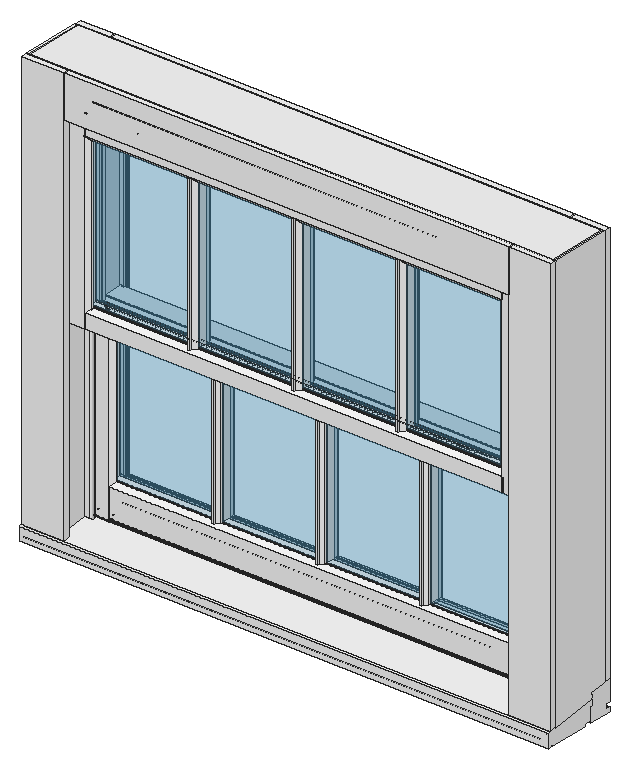
Revit family "B1-44V", category Generic Models, Revit 2012 (continued)
Forms (mm)
  Extrusion 84, solid, material "White" <- "Floor Material"
    sketch origin (159.614, 775.395, -65) x (-1, 0, 0) y (0, -1, 0)
      loop
        spline (-195.897, 772.766) -> (-196.288, 773.028) -> (-196.546, 773.345) -> (-196.701, 773.707) -> (-196.782, 774.104) -> (-196.817, 774.528) -> (-196.837, 774.968) -> (-196.871, 775.416) -> (-196.947, 775.861) -> (-197.095, 776.295) -> (-197.343, 776.707) -> (-197.722, 777.088) -> (-198.261, 777.429)
        line (-198.261, 777.429) -> (-199.495, 777.429)
        spline (-199.495, 777.429) -> (-200.004, 777.07) -> (-200.356, 776.68) -> (-200.579, 776.266) -> (-200.702, 775.836) -> (-200.755, 775.398) -> (-200.766, 774.96) -> (-200.765, 774.529) -> (-200.779, 774.114) -> (-200.839, 773.722) -> (-200.973, 773.362) -> (-201.21, 773.041) -> (-201.578, 772.766)
    from 643 to 1002.04
  Extrusion 85, solid, material "White" <- "Floor Material"
    sketch origin (160.537, 770.224, -40) x (-1, 0, 0) y (0, -1, 0)
      loop
        line (-201.463, 771.474) -> (-199.969, 771.474) -> (-199.969, 772.26) -> (-200.769, 772.26) -> (-200.769, 773.563) -> (-195.441, 773.563) -> (-195.441, 772.26) -> (-196.241, 772.26) -> (-196.241, 771.474) -> (-194.463, 771.474) -> (-194.463, 774.474) -> (-196.777, 774.474) -> (-196.777, 778.474) -> (-199.213, 778.474) -> (-199.213, 774.474) -> (-201.463, 774.474) -> (-201.463, 771.474)
    from 618 to 977.04
  Extrusion 86, solid, material "White" <- "Floor Material"
    sketch origin (161.496, -643.152, 0) x (-1, 0, 0) y (0, -1, 0)
      loop
        line (-288.504, -795.902) -> (-206.504, -795.902) -> (-206.504, -780.902) -> (-288.504, -780.902) -> (-288.504, -795.902)
    from 68 to 1023.04
  Extrusion 87, solid, material "White" <- "Floor Material"
    sketch origin (161.496, -643.152, 0) x (-1, 0, 0) y (0, -1, 0)
      loop
        line (-288.504, -621.902) -> (-288.504, -636.902) -> (-188.504, -636.902) -> (-188.504, -621.902) -> (-288.504, -621.902)
    from 33 to 1023.04
  Extrusion 88, solid, material "White" <- "Floor Material"
    sketch origin (71.476, 18.977, 0) x (0, 1, 0) y (0, 0, 1)
      loop
        line (118.773, 68) -> (118.773, 1023.04) -> (-25.227, 1023.04) -> (-25.227, 35.138) -> (79.523, 48) -> (79.523, 52.913)
        arc (79.523, 52.913) -> (82.523, 55.913) -> (79.523, 58.913) r 3
        line (79.523, 58.913) -> (79.523, 63.825) -> (113.523, 68) -> (118.773, 68)
    from 372.603 to 378.603
  Extrusion 89, solid, material "White" <- "Floor Material"
    sketch origin (161.496, -643.152, 0) x (-1, 0, 0) y (0, -1, 0)
      loop
        line (-232.504, -775.902) -> (-223.504, -775.902) -> (-223.504, -780.902) -> (-215.504, -780.902) -> (-215.504, -775.902) -> (-206.504, -775.902) -> (-206.504, -641.902) -> (-215.504, -641.902) -> (-215.504, -636.902) -> (-223.504, -636.902) -> (-223.504, -641.902) -> (-232.504, -641.902) -> (-232.504, -775.902)
    from 0 to 923.04
  Extrusion 90, solid, material "White" <- "Floor Material"
    sketch origin (161.497, -571.902, -672) x (-1, 0, 0) y (0, -1, 0)
      loop
        line (-162.504, -700.402) -> (-157.504, -700.402) -> (-157.504, -697.402)
        arc (-157.504, -697.402) -> (-151.847, -695.059) -> (-149.504, -689.402) r 8
        line (-149.504, -689.402) -> (-146.504, -689.402) -> (-146.504, -685.402) -> (-150.504, -684.402) -> (-150.504, -681.402) -> (-162.504, -681.402) -> (-162.504, -700.402)
    from 705 to 1595.04
  Extrusion 91, solid, material "White" <- "Floor Material"
    sketch origin (161.497, -571.902, -292) x (-1, 0, 0) y (0, -1, 0)
      loop
        line (-162.504, -643.402) -> (-199.504, -643.402)
        arc (-199.504, -643.402) -> (-201.625, -644.281) -> (-202.504, -646.402) r 3
        line (-202.504, -646.402) -> (-202.504, -651.402) -> (-196.504, -651.402) -> (-196.504, -654.402) -> (-202.504, -654.402) -> (-202.504, -667.402) -> (-196.504, -667.402) -> (-196.504, -679.402) -> (-202.504, -679.402) -> (-202.504, -700.402)
        arc (-202.504, -700.402) -> (-201.625, -702.524) -> (-199.504, -703.402) r 3
        line (-199.504, -703.402) -> (-162.504, -703.402) -> (-162.504, -643.402)
    from 791.56 to 1199.977
  Extrusion 92, solid, material "White" <- "Floor Material"
    sketch origin (70.876, 16.904, -227.023) x (1, 0, 0) y (0, 1, 0)
      loop
        line (-8.825, 91.096) -> (11.175, 91.096) -> (11.175, 99.096) -> (9.175, 99.096) -> (9.175, 100.804)
        arc (9.175, 100.804) -> (7.675, 105.779) -> (3.675, 109.096) r 9
        line (3.675, 109.096) -> (3.675, 111.096) -> (-1.325, 111.096) -> (-1.325, 109.096)
        arc (-1.325, 109.096) -> (-5.119, 106.111) -> (-6.825, 101.596) r 9
        line (-6.825, 101.596) -> (-6.825, 99.096) -> (-8.825, 99.096) -> (-8.825, 91.096)
      loop
        line (11.175, 62.296) -> (11.175, 65.096) -> (-8.825, 65.096) -> (-8.825, 62.296) -> (-1.325, 54.142) -> (-1.325, 52.142) -> (3.675, 52.142) -> (3.675, 54.142) -> (11.175, 62.296)
    from 356.027 to 710.583
  Extrusion 93, solid, material "White" <- "Floor Material", detail levels fine
    sketch origin (70.876, -53.846, -227.023) x (1, 0, 0) y (0, 1, 0)
      loop
        line (-8.825, 93.096) -> (11.175, 93.096) -> (11.175, 99.096) -> (9.175, 99.096) -> (9.175, 101.596) -> (3.675, 109.096) -> (3.675, 111.096) -> (-1.325, 111.096) -> (-1.325, 109.096) -> (-6.825, 101.596) -> (-6.825, 99.096) -> (-8.825, 99.096) -> (-8.825, 93.096)
      loop
        line (-8.825, 61.911) -> (-1.376, 53.757) -> (-1.376, 51.757) -> (3.624, 51.757) -> (3.624, 53.757) -> (11.175, 64.711) -> (-8.825, 64.711) -> (-8.825, 61.911)
    from 754.583 to 1118.062
  Extrusion 94, solid, material "White" <- "Floor Material"
    sketch origin (470.145, 0, -227.023) x (1, 0, 0) y (0, 1, 0)
      loop
        line (-408.094, 34) -> (-408.094, 18) -> (-388.094, 18) -> (-388.094, 34) -> (-408.094, 34)
    from 754.583 to 1108
  Extrusion 95, solid, material "White" <- "Floor Material"
    sketch origin (470.145, 71, -227.023) x (1, 0, 0) y (0, 1, 0)
      loop
        line (-408.094, 34) -> (-408.094, 18) -> (-388.094, 18) -> (-388.094, 34) -> (-408.094, 34)
    from 356.027 to 710.583
Dimensions and locks
  plane 4 to level = 1023.04 mm
  plane 8 to plane 5 = 131 mm  (x3)
  plane 9 to plane 7 = 174 mm
  locked: plane 10 to plane 11 at 44
  locked: plane 4 to plane 12 at 100
  locked: plane 13 to plane 12 at 14
  plane 14 to level = 33 mm
  locked: Extrusion 58 to Extrusion 58 at 6
  Extrusion 4 to Extrusion 4 = 4 mm
  locked: plane 4 to plane 15 at 82
  plane 16 to level = 68 mm
  "Width": plane 17 to plane 5
  Extrusion 57 to Extrusion 24 = 1023.04 mm
  locked: Extrusion 88 to Extrusion 88 at 6
  plane 5 to plane 27 = 100.079 mm
  plane 29 to plane 17 = 131 mm  (x2)
  Extrusion 62 to plane 5 = 82.079 mm
  plane 30 to plane 17 = 82 mm
  aligned and locked: level to plane 2
  aligned and locked: Extrusion 5 to Extrusion 6
  aligned and locked: Extrusion 34 to Extrusion 33
  aligned and locked: plane 7 to Extrusion 23
  aligned and locked: Extrusion 16 to plane 8
  aligned and locked: Extrusion 14 to plane 8
  aligned and locked: Extrusion 21 to plane 8
  aligned and locked: Extrusion 18 to plane 8
  aligned and locked: Extrusion 20 to plane 8
  aligned and locked: Extrusion 17 to plane 8
  aligned and locked: Extrusion 19 to plane 8
  aligned and locked: Extrusion 22 to plane 8
  aligned and locked: Extrusion 8 to plane 8
  aligned and locked: Extrusion 10 to plane 8
  aligned and locked: Extrusion 3 to plane 8
  aligned and locked: Extrusion 9 to plane 8
  aligned and locked: Extrusion 5 to plane 8
  aligned and locked: Extrusion 7 to plane 8
  aligned and locked: Extrusion 2 to plane 8
  aligned and locked: Extrusion 6 to plane 8
  aligned and locked: Extrusion 9 to Extrusion 16
  aligned and locked: Extrusion 8 to Extrusion 16
  aligned and locked: Extrusion 29 to plane 8
  aligned and locked: Extrusion 27 to plane 8
  aligned and locked: Extrusion 31 to plane 8
  aligned and locked: Extrusion 34 to plane 8
  aligned and locked: Extrusion 33 to plane 8
  aligned and locked: Extrusion 35 to plane 8
  aligned and locked: Extrusion 36 to plane 8
  aligned and locked: Extrusion 32 to plane 8
  aligned and locked: Extrusion 28 to plane 8
  aligned and locked: Extrusion 4 to plane 8
  aligned and locked: plane 10 to Extrusion 2
  aligned and locked: plane 10 to Extrusion 40
  aligned and locked: plane 11 to Extrusion 1
  aligned and locked: Extrusion 44 to plane 11
  aligned and locked: Extrusion 43 to plane 11
  aligned and locked: plane 13 to Extrusion 43
  aligned and locked: plane 13 to Extrusion 44
  aligned and locked: plane 13 to Extrusion 54
  aligned and locked: plane 13 to Extrusion 53
  aligned and locked: plane 13 to Extrusion 52
  aligned and locked: plane 13 to Extrusion 46
  aligned and locked: Extrusion 15 to Extrusion 55
  aligned and locked: Extrusion 25 to plane 17
Automatic sketch dimensions
  Extrusion 14 sketch curve to plane 1 "Center (Front/Back)" = 38.25 mm
  Extrusion 14 sketch curve to Extrusion 14 sketch curve = 3 mm  (x2)
  plane 15 to Extrusion 14 sketch curve = 7.62 mm
  Extrusion 14 sketch curve to Extrusion 14 sketch curve = 3.601 mm
  plane 15 to Extrusion 14 sketch curve = 11.305 mm
  Extrusion 14 sketch curve to Extrusion 14 sketch curve = 0.187 mm
  Extrusion 14 sketch curve to Extrusion 14 sketch curve = 1 mm  (x2)
  Extrusion 14 sketch curve to Extrusion 14 sketch curve = 0.649 mm
  plane 15 to Extrusion 14 sketch curve = 10.497 mm
  Extrusion 14 sketch curve to Extrusion 14 sketch curve = 2.265 mm
  Extrusion 14 sketch curve to Extrusion 14 sketch curve = 0.863 mm
  Extrusion 14 sketch curve to Extrusion 14 sketch curve = 0.001 mm
  Extrusion 14 sketch curve to Extrusion 14 sketch curve = 5 mm  (x2)
  plane 15 to Extrusion 14 sketch curve = 15.566 mm
  Extrusion 14 sketch curve to Extrusion 14 sketch curve = 1.118 mm
  Extrusion 14 sketch curve to Extrusion 14 sketch curve = 0.702 mm  (x2)
  plane 15 to Extrusion 14 sketch curve = 14.005 mm
  plane 15 to Extrusion 14 sketch curve = 2.625 mm
  Extrusion 14 sketch curve to Extrusion 14 sketch curve = 5.889 mm
  Extrusion 14 sketch curve to Extrusion 14 sketch curve = 0.861 mm
  Extrusion 14 sketch curve to Extrusion 14 sketch curve = 1.943 mm
  Extrusion 14 sketch curve to Extrusion 14 sketch curve = 1.982 mm
  plane 15 to Extrusion 14 sketch curve = 2.22 mm
  Extrusion 14 sketch curve to Extrusion 14 sketch curve = 0.1 mm
  Extrusion 14 sketch curve to Extrusion 14 sketch curve = 1.022 mm
  Extrusion 14 sketch curve to Extrusion 14 sketch curve = 0.095 mm
  Extrusion 14 sketch curve to Extrusion 14 sketch curve = 0.7 mm
  Extrusion 14 sketch curve to Extrusion 14 sketch curve = 1.018 mm
  Extrusion 14 sketch curve to Extrusion 14 sketch curve = 8 mm
  Extrusion 14 sketch curve to plane 12 = 15.063 mm
  Extrusion 14 sketch curve to Extrusion 14 sketch curve = 4 mm
  Extrusion 14 sketch curve to Extrusion 14 sketch curve = 0.405 mm
  Extrusion 14 sketch curve to Extrusion 14 sketch curve = 1.234 mm
  Extrusion 14 sketch curve to Extrusion 14 sketch curve = 2.583 mm
  Extrusion 14 sketch curve to Extrusion 14 sketch curve = 0.9 mm
  Extrusion 14 sketch curve to Extrusion 14 sketch curve = 1.71 mm
  plane 1 "Center (Front/Back)" to Extrusion 17 sketch curve = 3.465 mm
  Extrusion 17 sketch curve to Extrusion 17 sketch curve = 1.414 mm
  Extrusion 17 sketch curve to plane 15 = 1.206 mm
  Extrusion 17 sketch curve to plane 15 = 0.117 mm
  plane 15 to Extrusion 17 sketch curve = 2.992 mm
  Extrusion 17 sketch curve to Extrusion 17 sketch curve = 1.085 mm
  plane 15 to Extrusion 18 sketch curve = 2.687 mm
  plane 1 "Center (Front/Back)" to Extrusion 18 sketch curve = 8.25 mm
  plane 15 to Extrusion 18 sketch curve = 0.187 mm
  Extrusion 18 sketch curve to Extrusion 18 sketch curve = 4 mm
  Extrusion 18 sketch curve to Extrusion 18 sketch curve = 0 mm
  Extrusion 18 sketch curve to Extrusion 18 sketch curve = 0.786 mm
  Extrusion 18 sketch curve to Extrusion 18 sketch curve = 1.414 mm  (x2)
  Extrusion 18 sketch curve to Extrusion 18 sketch curve = 0.8 mm  (x2)
  Extrusion 18 sketch curve to plane 15 = 0.117 mm
  Extrusion 18 sketch curve to plane 15 = 1.206 mm
  Extrusion 18 sketch curve to Extrusion 18 sketch curve = 0.857 mm  (x2)
  plane 15 to Extrusion 18 sketch curve = 2.992 mm
  Extrusion 18 sketch curve to Extrusion 18 sketch curve = 1.089 mm
  plane 1 "Center (Front/Back)" to Extrusion 19 sketch curve = 2.05 mm
  Extrusion 19 sketch curve to plane 1 "Center (Front/Back)" = 2.612 mm
  Extrusion 19 sketch curve to plane 15 = 1.419 mm
  plane 15 to Extrusion 19 sketch curve = 0.664 mm
  Extrusion 19 sketch curve to Extrusion 19 sketch curve = 1.235 mm
  plane 15 to Extrusion 19 sketch curve = 4.262 mm
  Extrusion 22 sketch curve to plane 1 "Center (Front/Back)" = 12.25 mm
  Extrusion 22 sketch curve to Extrusion 22 sketch curve = 1.75 mm
  Extrusion 22 sketch curve to Extrusion 22 sketch curve = 24.25 mm
  Extrusion 22 sketch curve to Extrusion 22 sketch curve = 3 mm
  Extrusion 22 sketch curve to Extrusion 22 sketch curve = 4 mm  (x2)
  Extrusion 22 sketch curve to plane 12 = 31.063 mm
  Extrusion 22 sketch curve to Extrusion 22 sketch curve = 1 mm
  Extrusion 22 sketch curve to Extrusion 22 sketch curve = 0.215 mm
  Extrusion 22 sketch curve to Extrusion 22 sketch curve = 2.785 mm
  plane 5 to Extrusion 38 sketch curve = 34.063 mm  (x2)
  plane 27 to Extrusion 38 sketch curve = 21.016 mm  (x2)
  Extrusion 38 sketch curve to Extrusion 38 sketch curve = 0 mm  (x2)
  Extrusion 38 sketch curve to Extrusion 38 sketch curve = 3 mm  (x2)
  Extrusion 38 sketch curve to plane 1 "Center (Front/Back)" = 14.937 mm
  Extrusion 38 sketch curve to plane 1 "Center (Front/Back)" = 21.437 mm
  Extrusion 38 sketch curve to Extrusion 38 sketch curve = 16 mm  (x2)
  Extrusion 38 sketch curve to Extrusion 38 sketch curve = 6.5 mm  (x3)
  Extrusion 38 sketch curve to Extrusion 38 sketch curve = 42 mm
  plane 27 to Extrusion 46 sketch curve = 20.088 mm
  Extrusion 46 sketch curve to Extrusion 46 sketch curve = 0.402 mm
  Extrusion 46 sketch curve to Extrusion 46 sketch curve = 0.389 mm
  Extrusion 46 sketch curve to Extrusion 46 sketch curve = 3.47 mm
  Extrusion 46 sketch curve to Extrusion 46 sketch curve = 0.129 mm  (x2)
  Extrusion 46 sketch curve to Extrusion 46 sketch curve = 0.752 mm
  Extrusion 46 sketch curve to Extrusion 46 sketch curve = 0.163 mm
  Extrusion 46 sketch curve to Extrusion 46 sketch curve = 0.848 mm
  Extrusion 46 sketch curve to Extrusion 46 sketch curve = 0.092 mm
  Extrusion 46 sketch curve to Extrusion 46 sketch curve = 0.227 mm
  Extrusion 46 sketch curve to Extrusion 46 sketch curve = 0.4 mm
  Extrusion 46 sketch curve to Extrusion 46 sketch curve = 0.019 mm
  Extrusion 46 sketch curve to Extrusion 46 sketch curve = 0.794 mm
  Extrusion 46 sketch curve to Extrusion 46 sketch curve = 0.616 mm
  Extrusion 46 sketch curve to Extrusion 46 sketch curve = 0.767 mm
  Extrusion 46 sketch curve to Extrusion 46 sketch curve = 0.79 mm
  Extrusion 46 sketch curve to Extrusion 46 sketch curve = 0.784 mm
  Extrusion 46 sketch curve to Extrusion 46 sketch curve = 0.331 mm  (x2)
  Extrusion 46 sketch curve to plane 1 "Center (Front/Back)" = 42.945 mm
  Extrusion 46 sketch curve to Extrusion 46 sketch curve = 0.032 mm
  Extrusion 46 sketch curve to Extrusion 46 sketch curve = 0.011 mm
  Extrusion 46 sketch curve to Extrusion 46 sketch curve = 0.735 mm
  Extrusion 46 sketch curve to Extrusion 46 sketch curve = 0.552 mm
  Extrusion 46 sketch curve to Extrusion 46 sketch curve = 0.545 mm
  Extrusion 46 sketch curve to Extrusion 46 sketch curve = 0.126 mm
  Extrusion 46 sketch curve to Extrusion 46 sketch curve = 3.982 mm
  Extrusion 46 sketch curve to Extrusion 46 sketch curve = 3.772 mm
  Extrusion 46 sketch curve to Extrusion 46 sketch curve = 0.731 mm
  Extrusion 46 sketch curve to Extrusion 46 sketch curve = 0.088 mm
  Extrusion 46 sketch curve to Extrusion 46 sketch curve = 0.31 mm
  Extrusion 46 sketch curve to Extrusion 46 sketch curve = 0.222 mm
  Extrusion 46 sketch curve to Extrusion 46 sketch curve = 1.707 mm
  plane 1 "Center (Front/Back)" to Extrusion 52 sketch curve = 2.034 mm
  plane 27 to Extrusion 52 sketch curve = 11.307 mm
  Extrusion 52 sketch curve to Extrusion 52 sketch curve = 1.26 mm
  Extrusion 52 sketch curve to Extrusion 52 sketch curve = 3.11 mm
  Extrusion 52 sketch curve to Extrusion 52 sketch curve = 0.958 mm
  Extrusion 52 sketch curve to Extrusion 52 sketch curve = 1.305 mm
  Extrusion 53 sketch curve to plane 1 "Center (Front/Back)" = 2.628 mm
  plane 27 to Extrusion 53 sketch curve = 11.192 mm
  plane 1 "Center (Front/Back)" to Extrusion 53 sketch curve = 2.034 mm
  Extrusion 53 sketch curve to Extrusion 53 sketch curve = 2.083 mm
  Extrusion 53 sketch curve to Extrusion 53 sketch curve = 1.235 mm
  Extrusion 53 sketch curve to Extrusion 53 sketch curve = 2.363 mm
  plane 1 "Center (Front/Back)" to Extrusion 54 sketch curve = 1.25 mm  (x2)
  plane 27 to Extrusion 54 sketch curve = 12 mm
  Extrusion 54 sketch curve to Extrusion 54 sketch curve = 0.693 mm
  Extrusion 54 sketch curve to Extrusion 54 sketch curve = 0.8 mm  (x2)
  Extrusion 54 sketch curve to Extrusion 54 sketch curve = 1.557 mm
  Extrusion 54 sketch curve to Extrusion 54 sketch curve = 2.435 mm
  Extrusion 54 sketch curve to Extrusion 54 sketch curve = 0.536 mm
  Extrusion 54 sketch curve to Extrusion 54 sketch curve = 0.979 mm
  Extrusion 54 sketch curve to Extrusion 54 sketch curve = 0.786 mm  (x2)
  Extrusion 54 sketch curve to Extrusion 54 sketch curve = 1.303 mm
  Extrusion 54 sketch curve to Extrusion 54 sketch curve = 0.911 mm  (x2)
  Extrusion 54 sketch curve to Extrusion 54 sketch curve = 4 mm
  Extrusion 57 sketch curve to plane 6 = 0 mm
  Extrusion 57 sketch curve to plane 27 = 0 mm
  plane 5 to Extrusion 57 sketch curve = 0.079 mm
  plane 1 "Center (Front/Back)" to Extrusion 57 sketch curve = 6.25 mm
  Sweep 60 sketch curve to plane 16 = 0 mm
  Sweep 60 sketch curve to plane 12 = 0 mm
  plane 30 to Sweep 60 sketch curve = 0 mm
  plane 27 to Sweep 60 sketch curve = 18 mm
  profile plane to Sweep 60 sketch curve = 0 mm
  Sweep 60 sketch curve to Sweep 60 sketch curve = 3 mm
  Sweep 60 sketch curve to Sweep 60 sketch curve = 6 mm
  Sweep 60 sketch curve to profile plane = 176.75 mm
  Sweep 60 sketch curve to Sweep 60 sketch curve = 14 mm
  plane 18 to Extrusion 67 sketch curve = 10.028 mm
  Extrusion 67 sketch curve to plane 18 = 9.972 mm
  Extrusion 67 sketch curve to plane 1 "Center (Front/Back)" = 18 mm
  Extrusion 67 sketch curve to Extrusion 67 sketch curve = 16 mm
  Extrusion 71 sketch curve to plane 19 = 9.949 mm
  plane 19 to Extrusion 71 sketch curve = 10.051 mm
  Extrusion 71 sketch curve to plane 1 "Center (Front/Back)" = 18 mm
  Extrusion 71 sketch curve to Extrusion 71 sketch curve = 16 mm
  Extrusion 77 sketch curve to plane 28 = 14 mm  (x2)
  Extrusion 77 sketch curve to Extrusion 77 sketch curve = 0 mm
  plane 1 "Center (Front/Back)" to Extrusion 77 sketch curve = 0 mm
  Extrusion 77 sketch curve to Extrusion 77 sketch curve = 3 mm  (x4)
  Extrusion 77 sketch curve to Extrusion 77 sketch curve = 6 mm
  Extrusion 77 sketch curve to plane 29 = 5 mm
  plane 29 to Extrusion 77 sketch curve = 1 mm
  plane 29 to Extrusion 77 sketch curve = 11 mm
  Extrusion 77 sketch curve to plane 1 "Center (Front/Back)" = 10 mm
  Extrusion 77 sketch curve to Extrusion 77 sketch curve = 2 mm
  Extrusion 77 sketch curve to Extrusion 77 sketch curve = 21 mm
  Extrusion 77 sketch curve to Extrusion 77 sketch curve = 12 mm
  Extrusion 77 sketch curve to Extrusion 77 sketch curve = 13 mm
  Extrusion 77 sketch curve to Extrusion 77 sketch curve = 5 mm
  Extrusion 78 sketch curve to plane 29 = 5 mm
  Extrusion 78 sketch curve to plane 29 = 0 mm
  plane 29 to Extrusion 78 sketch curve = 7 mm
  Extrusion 78 sketch curve to Extrusion 78 sketch curve = 1 mm  (x2)
  Extrusion 78 sketch curve to Extrusion 78 sketch curve = 3 mm  (x2)
  Extrusion 78 sketch curve to plane 1 "Center (Front/Back)" = 57 mm
  Extrusion 78 sketch curve to Extrusion 78 sketch curve = 4 mm
  Extrusion 78 sketch curve to Extrusion 78 sketch curve = 8 mm
  Extrusion 80 sketch curve to plane 28 = 20.088 mm
  Extrusion 80 sketch curve to Extrusion 80 sketch curve = 0.402 mm
  Extrusion 80 sketch curve to Extrusion 80 sketch curve = 0.389 mm
  Extrusion 80 sketch curve to Extrusion 80 sketch curve = 3.47 mm
  Extrusion 80 sketch curve to Extrusion 80 sketch curve = 0.129 mm  (x2)
  Extrusion 80 sketch curve to Extrusion 80 sketch curve = 0.752 mm
  Extrusion 80 sketch curve to Extrusion 80 sketch curve = 0.163 mm
  Extrusion 80 sketch curve to Extrusion 80 sketch curve = 4.446 mm
  Extrusion 80 sketch curve to Extrusion 80 sketch curve = 0.092 mm
  Extrusion 80 sketch curve to Extrusion 80 sketch curve = 0.227 mm
  Extrusion 80 sketch curve to Extrusion 80 sketch curve = 0.4 mm
  Extrusion 80 sketch curve to Extrusion 80 sketch curve = 0.019 mm
  Extrusion 80 sketch curve to Extrusion 80 sketch curve = 0.794 mm
  Extrusion 80 sketch curve to Extrusion 80 sketch curve = 0.616 mm
  Extrusion 80 sketch curve to Extrusion 80 sketch curve = 0.767 mm
  Extrusion 80 sketch curve to Extrusion 80 sketch curve = 0.79 mm
  Extrusion 80 sketch curve to Extrusion 80 sketch curve = 0.784 mm
  Extrusion 80 sketch curve to Extrusion 80 sketch curve = 0.331 mm  (x2)
  Extrusion 80 sketch curve to plane 1 "Center (Front/Back)" = 52.39 mm
  Extrusion 80 sketch curve to Extrusion 80 sketch curve = 1.707 mm
  Extrusion 80 sketch curve to Extrusion 80 sketch curve = 0.222 mm
  Extrusion 80 sketch curve to Extrusion 80 sketch curve = 0.555 mm
  Extrusion 80 sketch curve to Extrusion 80 sketch curve = 0.865 mm
  Extrusion 80 sketch curve to Extrusion 80 sketch curve = 0.036 mm
  Extrusion 80 sketch curve to Extrusion 80 sketch curve = 0.731 mm
  Extrusion 80 sketch curve to Extrusion 80 sketch curve = 0.077 mm
  Extrusion 80 sketch curve to Extrusion 80 sketch curve = 0.522 mm
  Extrusion 80 sketch curve to Extrusion 80 sketch curve = 0.368 mm
  Extrusion 80 sketch curve to Extrusion 80 sketch curve = 0.552 mm
  Extrusion 80 sketch curve to Extrusion 80 sketch curve = 0.735 mm
  Extrusion 80 sketch curve to Extrusion 80 sketch curve = 0.072 mm
  Extrusion 80 sketch curve to Extrusion 80 sketch curve = 0.083 mm
  plane 1 "Center (Front/Back)" to Extrusion 83 sketch curve = 2.034 mm
  Extrusion 83 sketch curve to plane 28 = 11.307 mm
  Extrusion 83 sketch curve to Extrusion 83 sketch curve = 1.26 mm
  Extrusion 83 sketch curve to Extrusion 83 sketch curve = 3.11 mm
  Extrusion 83 sketch curve to Extrusion 83 sketch curve = 0.958 mm
  Extrusion 83 sketch curve to Extrusion 83 sketch curve = 1.305 mm
  Extrusion 84 sketch curve to plane 1 "Center (Front/Back)" = 2.628 mm
  Extrusion 84 sketch curve to plane 28 = 11.192 mm
  plane 1 "Center (Front/Back)" to Extrusion 84 sketch curve = 2.034 mm
  Extrusion 84 sketch curve to Extrusion 84 sketch curve = 2.083 mm
  Extrusion 84 sketch curve to Extrusion 84 sketch curve = 1.235 mm
  Extrusion 84 sketch curve to Extrusion 84 sketch curve = 2.363 mm
  plane 1 "Center (Front/Back)" to Extrusion 85 sketch curve = 1.25 mm  (x2)
  Extrusion 85 sketch curve to plane 28 = 12 mm
  Extrusion 85 sketch curve to Extrusion 85 sketch curve = 0.693 mm
  Extrusion 85 sketch curve to Extrusion 85 sketch curve = 0.8 mm  (x2)
  Extrusion 85 sketch curve to Extrusion 85 sketch curve = 1.557 mm
  Extrusion 85 sketch curve to Extrusion 85 sketch curve = 2.435 mm
  Extrusion 85 sketch curve to Extrusion 85 sketch curve = 0.536 mm
  Extrusion 85 sketch curve to Extrusion 85 sketch curve = 0.979 mm
  Extrusion 85 sketch curve to Extrusion 85 sketch curve = 0.786 mm  (x2)
  Extrusion 85 sketch curve to Extrusion 85 sketch curve = 1.303 mm
  Extrusion 85 sketch curve to Extrusion 85 sketch curve = 0.911 mm  (x2)
  Extrusion 85 sketch curve to Extrusion 85 sketch curve = 4 mm
  Extrusion 93 sketch curve to plane 3 "Center (Left/Right)" = 9.949 mm  (x2)
  Extrusion 93 sketch curve to Extrusion 93 sketch curve = 2 mm  (x4)
  Extrusion 93 sketch curve to plane 3 "Center (Left/Right)" = 2.5 mm
  Extrusion 93 sketch curve to plane 3 "Center (Left/Right)" = 2.449 mm
  plane 1 "Center (Front/Back)" to Extrusion 93 sketch curve = 0.089 mm  (x2)
  plane 3 "Center (Left/Right)" to Extrusion 93 sketch curve = 2.5 mm
  plane 3 "Center (Left/Right)" to Extrusion 93 sketch curve = 2.551 mm
  plane 3 "Center (Left/Right)" to Extrusion 93 sketch curve = 8.051 mm
  plane 3 "Center (Left/Right)" to Extrusion 93 sketch curve = 10.051 mm
  Extrusion 93 sketch curve to plane 1 "Center (Front/Back)" = 8.065 mm
  Extrusion 93 sketch curve to Extrusion 93 sketch curve = 2.8 mm
  Extrusion 93 sketch curve to Extrusion 93 sketch curve = 28.385 mm
  Extrusion 93 sketch curve to Extrusion 93 sketch curve = 6 mm  (x2)
  Extrusion 93 sketch curve to Extrusion 93 sketch curve = 2.5 mm  (x2)
  Extrusion 93 sketch curve to Extrusion 93 sketch curve = 7.5 mm
  Extrusion 93 sketch curve to Extrusion 93 sketch curve = 0 mm
  Extrusion 94 sketch curve to plane 3 "Center (Left/Right)" = 9.949 mm
  plane 3 "Center (Left/Right)" to Extrusion 94 sketch curve = 10.051 mm
  Extrusion 94 sketch curve to plane 1 "Center (Front/Back)" = 18 mm
  Extrusion 94 sketch curve to Extrusion 94 sketch curve = 16 mm
  plane 18 to Extrusion 66 sketch curve = 10.028 mm  (x2)
  Extrusion 66 sketch curve to Extrusion 66 sketch curve = 2 mm  (x4)
  plane 1 "Center (Front/Back)" to Extrusion 66 sketch curve = 0.089 mm  (x2)
  plane 18 to Extrusion 66 sketch curve = 2.578 mm
  plane 18 to Extrusion 66 sketch curve = 2.528 mm
  plane 18 to Extrusion 66 sketch curve = 1.028 mm
  Extrusion 66 sketch curve to plane 18 = 0.972 mm
  Extrusion 66 sketch curve to plane 18 = 2.422 mm
  Extrusion 66 sketch curve to plane 18 = 2.472 mm
  Extrusion 66 sketch curve to Extrusion 66 sketch curve = 7 mm
  Extrusion 66 sketch curve to plane 18 = 9.972 mm
  Extrusion 66 sketch curve to plane 1 "Center (Front/Back)" = 8.065 mm
  Extrusion 66 sketch curve to Extrusion 66 sketch curve = 2.8 mm
  Extrusion 66 sketch curve to Extrusion 66 sketch curve = 28.385 mm
  Extrusion 66 sketch curve to Extrusion 66 sketch curve = 6 mm  (x2)
  Extrusion 66 sketch curve to Extrusion 66 sketch curve = 1.708 mm
  Extrusion 66 sketch curve to Extrusion 66 sketch curve = 0 mm
  Extrusion 65 sketch curve to plane 21 = 2 mm
  plane 18 to Extrusion 65 sketch curve = 10.028 mm  (x2)
  Extrusion 65 sketch curve to Extrusion 65 sketch curve = 2 mm  (x4)
  plane 18 to Extrusion 65 sketch curve = 2.528 mm  (x2)
  Extrusion 65 sketch curve to plane 18 = 0.972 mm
  plane 18 to Extrusion 65 sketch curve = 0.991 mm
  Extrusion 65 sketch curve to plane 18 = 2.472 mm  (x2)
  Extrusion 65 sketch curve to Extrusion 65 sketch curve = 8.964 mm
  Extrusion 65 sketch curve to plane 18 = 9.972 mm
  Extrusion 65 sketch curve to Extrusion 65 sketch curve = 26 mm
  Extrusion 65 sketch curve to Extrusion 65 sketch curve = 2.8 mm  (x2)
  Extrusion 65 sketch curve to Extrusion 65 sketch curve = 8.154 mm
  Extrusion 65 sketch curve to Extrusion 65 sketch curve = 0 mm
  plane 21 to Extrusion 65 sketch curve = 6 mm  (x2)
  Extrusion 65 sketch curve to Extrusion 65 sketch curve = 1.708 mm
  Extrusion 65 sketch curve to Extrusion 65 sketch curve = 2.5 mm
  Extrusion 65 sketch curve to Extrusion 65 sketch curve = 0.015 mm
  Extrusion 69 sketch curve to plane 24 = 2 mm
  Extrusion 69 sketch curve to plane 19 = 9.949 mm  (x2)
  Extrusion 69 sketch curve to Extrusion 69 sketch curve = 2 mm  (x4)
  Extrusion 69 sketch curve to plane 19 = 2.449 mm  (x2)
  Extrusion 69 sketch curve to plane 19 = 0.949 mm
  plane 19 to Extrusion 69 sketch curve = 1.051 mm
  plane 19 to Extrusion 69 sketch curve = 2.551 mm  (x2)
  Extrusion 69 sketch curve to Extrusion 69 sketch curve = 7 mm
  plane 19 to Extrusion 69 sketch curve = 10.051 mm
  Extrusion 69 sketch curve to Extrusion 69 sketch curve = 26 mm
  Extrusion 69 sketch curve to Extrusion 69 sketch curve = 2.8 mm  (x2)
  Extrusion 69 sketch curve to Extrusion 69 sketch curve = 8.154 mm
  Extrusion 69 sketch curve to Extrusion 69 sketch curve = 0 mm  (x2)
  plane 24 to Extrusion 69 sketch curve = 6 mm  (x2)
  Extrusion 69 sketch curve to Extrusion 69 sketch curve = 1.708 mm
  Extrusion 70 sketch curve to plane 19 = 9.949 mm  (x2)
  Extrusion 70 sketch curve to Extrusion 70 sketch curve = 2 mm  (x4)
  plane 1 "Center (Front/Back)" to Extrusion 70 sketch curve = 0.089 mm  (x2)
  Extrusion 70 sketch curve to plane 19 = 2.5 mm
  Extrusion 70 sketch curve to plane 19 = 2.449 mm
  Extrusion 70 sketch curve to plane 19 = 0.913 mm
  plane 19 to Extrusion 70 sketch curve = 1.015 mm
  plane 19 to Extrusion 70 sketch curve = 2.5 mm
  plane 19 to Extrusion 70 sketch curve = 2.551 mm
  Extrusion 70 sketch curve to Extrusion 70 sketch curve = 7.036 mm
  plane 19 to Extrusion 70 sketch curve = 10.051 mm
  Extrusion 70 sketch curve to plane 1 "Center (Front/Back)" = 8.065 mm
  Extrusion 70 sketch curve to Extrusion 70 sketch curve = 2.8 mm
  Extrusion 70 sketch curve to Extrusion 70 sketch curve = 28.385 mm
  Extrusion 70 sketch curve to Extrusion 70 sketch curve = 6 mm  (x2)
  Extrusion 70 sketch curve to Extrusion 70 sketch curve = 1.693 mm
  Extrusion 70 sketch curve to Extrusion 70 sketch curve = 0 mm
  Extrusion 70 sketch curve to Extrusion 70 sketch curve = 2.5 mm  (x2)
  Extrusion 92 sketch curve to plane 31 = 2 mm
  Extrusion 92 sketch curve to plane 3 "Center (Left/Right)" = 9.949 mm  (x2)
  Extrusion 92 sketch curve to Extrusion 92 sketch curve = 2 mm  (x4)
  Extrusion 92 sketch curve to plane 3 "Center (Left/Right)" = 2.449 mm  (x2)
  Extrusion 92 sketch curve to plane 3 "Center (Left/Right)" = 0.949 mm
  plane 3 "Center (Left/Right)" to Extrusion 92 sketch curve = 1.015 mm
  plane 3 "Center (Left/Right)" to Extrusion 92 sketch curve = 2.551 mm  (x2)
  Extrusion 92 sketch curve to Extrusion 92 sketch curve = 7.036 mm
  plane 3 "Center (Left/Right)" to Extrusion 92 sketch curve = 10.051 mm
  Extrusion 92 sketch curve to Extrusion 92 sketch curve = 26 mm
  Extrusion 92 sketch curve to Extrusion 92 sketch curve = 2.8 mm  (x2)
  Extrusion 92 sketch curve to Extrusion 92 sketch curve = 8.154 mm
  Extrusion 92 sketch curve to Extrusion 92 sketch curve = 0 mm
  plane 31 to Extrusion 92 sketch curve = 6 mm  (x2)
  Extrusion 92 sketch curve to Extrusion 92 sketch curve = 1.693 mm
  Extrusion 92 sketch curve to Extrusion 92 sketch curve = 0.015 mm
  Extrusion 92 sketch curve to Extrusion 92 sketch curve = 2.5 mm
  Extrusion 1 sketch curve to plane 1 "Center (Front/Back)" = 0 mm
  Extrusion 1 sketch curve to plane 10 = 0 mm
  Extrusion 1 sketch curve to plane 11 = 0 mm  (x2)
  Extrusion 1 sketch curve to plane 1 "Center (Front/Back)" = 10 mm
  Extrusion 1 sketch curve to plane 1 "Center (Front/Back)" = 12 mm
  Extrusion 1 sketch curve to plane 10 = 2 mm
  Extrusion 1 sketch curve to Extrusion 1 sketch curve = 6 mm  (x2)
  Extrusion 1 sketch curve to Extrusion 1 sketch curve = 30.175 mm
  Extrusion 1 sketch curve to Extrusion 1 sketch curve = 16 mm  (x2)
  Extrusion 1 sketch curve to Extrusion 1 sketch curve = 20 mm
  Extrusion 1 sketch curve to Extrusion 1 sketch curve = 1.535 mm
  Extrusion 1 sketch curve to Extrusion 1 sketch curve = 1.006 mm
  Extrusion 1 sketch curve to Extrusion 1 sketch curve = 1.388 mm
  Extrusion 1 sketch curve to plane 10 = 14.418 mm
  Extrusion 1 sketch curve to Extrusion 1 sketch curve = 0.641 mm
  Extrusion 1 sketch curve to plane 10 = 11.733 mm
  Extrusion 1 sketch curve to Extrusion 1 sketch curve = 1.127 mm
  Extrusion 1 sketch curve to Extrusion 1 sketch curve = 2.057 mm
  Extrusion 1 sketch curve to Extrusion 1 sketch curve = 0.597 mm
  Extrusion 1 sketch curve to Extrusion 1 sketch curve = 0.817 mm  (x2)
  plane 11 to Extrusion 1 sketch curve = 2 mm
  Extrusion 1 sketch curve to Extrusion 1 sketch curve = 29 mm
  Extrusion 1 sketch curve to Extrusion 1 sketch curve = 4 mm  (x4)
  plane 11 to Extrusion 1 sketch curve = 4 mm
  Extrusion 1 sketch curve to Extrusion 1 sketch curve = 3 mm  (x2)
  Extrusion 1 sketch curve to Extrusion 1 sketch curve = 1 mm  (x2)
  Extrusion 1 sketch curve to Extrusion 1 sketch curve = 8 mm
  plane 11 to Extrusion 1 sketch curve = 3 mm
  Extrusion 1 sketch curve to Extrusion 1 sketch curve = 10 mm
  Extrusion 1 sketch curve to Extrusion 1 sketch curve = 4.582 mm
  Extrusion 1 sketch curve to Extrusion 1 sketch curve = 0.613 mm
  Extrusion 1 sketch curve to Extrusion 1 sketch curve = 1.157 mm
  Extrusion 1 sketch curve to Extrusion 1 sketch curve = 14 mm
  Extrusion 1 sketch curve to Extrusion 1 sketch curve = 0.824 mm
  Extrusion 1 sketch curve to plane 10 = 10 mm
  Extrusion 3 sketch curve to plane 10 = 0 mm  (x2)
  Extrusion 3 sketch curve to plane 11 = 0 mm  (x2)
  Extrusion 3 sketch curve to plane 1 "Center (Front/Back)" = 12 mm
  Extrusion 3 sketch curve to Extrusion 3 sketch curve = 2 mm  (x2)
  plane 10 to Extrusion 3 sketch curve = 0.491 mm
  Extrusion 3 sketch curve to Extrusion 3 sketch curve = 24 mm  (x2)
  Extrusion 3 sketch curve to Extrusion 3 sketch curve = 3 mm  (x3)
  Extrusion 3 sketch curve to Extrusion 3 sketch curve = 4 mm  (x2)
  plane 11 to Extrusion 3 sketch curve = 3 mm
  Extrusion 3 sketch curve to Extrusion 3 sketch curve = 42 mm
  Extrusion 3 sketch curve to plane 11 = 0.491 mm
  plane 11 to Extrusion 3 sketch curve = 4 mm
  Extrusion 3 sketch curve to plane 11 = 0.246 mm
  Extrusion 3 sketch curve to Extrusion 3 sketch curve = 0.246 mm  (x2)
  Extrusion 3 sketch curve to plane 10 = 4 mm
  plane 10 to Extrusion 3 sketch curve = 0.246 mm
  plane 7 to Extrusion 4 sketch curve = 67.764 mm
  Extrusion 4 sketch curve to Extrusion 4 sketch curve = 4 mm  (x2)
  Extrusion 4 sketch curve to Extrusion 4 sketch curve = 16 mm
  plane 16 to Extrusion 4 sketch curve = 49.004 mm
  Extrusion 4 sketch curve to Extrusion 4 sketch curve = 0 mm
  plane 11 to Extrusion 4 sketch curve = 16 mm  (x2)
  Extrusion 5 sketch curve to plane 10 = 16.1 mm
  Extrusion 5 sketch curve to plane 1 "Center (Front/Back)" = 61.71 mm
  Extrusion 5 sketch curve to Extrusion 5 sketch curve = 0.207 mm
  Extrusion 5 sketch curve to Extrusion 5 sketch curve = 0.208 mm
  Extrusion 5 sketch curve to Extrusion 5 sketch curve = 0.097 mm  (x2)
  Extrusion 5 sketch curve to Extrusion 5 sketch curve = 0.695 mm
  Extrusion 5 sketch curve to Extrusion 5 sketch curve = 0.01 mm
  Extrusion 5 sketch curve to Extrusion 5 sketch curve = 0.515 mm
  Extrusion 5 sketch curve to Extrusion 5 sketch curve = 0.807 mm
  Extrusion 5 sketch curve to Extrusion 5 sketch curve = 0.052 mm
  Extrusion 5 sketch curve to Extrusion 5 sketch curve = 0.494 mm
  Extrusion 5 sketch curve to Extrusion 5 sketch curve = 0.432 mm
  Extrusion 5 sketch curve to Extrusion 5 sketch curve = 0.799 mm
  Extrusion 5 sketch curve to Extrusion 5 sketch curve = 0.784 mm
  Extrusion 5 sketch curve to Extrusion 5 sketch curve = 0.893 mm  (x3)
  Extrusion 5 sketch curve to Extrusion 5 sketch curve = 3.071 mm
  Extrusion 5 sketch curve to Extrusion 5 sketch curve = 2.464 mm
  Extrusion 5 sketch curve to Extrusion 5 sketch curve = 0.602 mm  (x2)
  Extrusion 5 sketch curve to Extrusion 5 sketch curve = 2.962 mm
  Extrusion 5 sketch curve to Extrusion 5 sketch curve = 0.109 mm
  Extrusion 5 sketch curve to Extrusion 5 sketch curve = 0.606 mm
  Extrusion 5 sketch curve to Extrusion 5 sketch curve = 1.622 mm
  Extrusion 5 sketch curve to Extrusion 5 sketch curve = 0.373 mm
  Extrusion 5 sketch curve to Extrusion 5 sketch curve = 2.848 mm
  Extrusion 5 sketch curve to Extrusion 5 sketch curve = 0.798 mm
  Extrusion 5 sketch curve to Extrusion 5 sketch curve = 0.078 mm
  Extrusion 5 sketch curve to Extrusion 5 sketch curve = 0.64 mm
  Extrusion 5 sketch curve to Extrusion 5 sketch curve = 0.422 mm
  Extrusion 5 sketch curve to Extrusion 5 sketch curve = 1.377 mm
  Extrusion 5 sketch curve to Extrusion 5 sketch curve = 1.698 mm
  Extrusion 5 sketch curve to Extrusion 5 sketch curve = 0.083 mm
  Extrusion 5 sketch curve to Extrusion 5 sketch curve = 2.325 mm
  Extrusion 5 sketch curve to Extrusion 5 sketch curve = 2.362 mm
  Extrusion 5 sketch curve to Extrusion 5 sketch curve = 0.218 mm
  Extrusion 5 sketch curve to Extrusion 5 sketch curve = 0.794 mm  (x2)
  Extrusion 5 sketch curve to Extrusion 5 sketch curve = 0.584 mm
  Extrusion 5 sketch curve to Extrusion 5 sketch curve = 0.621 mm
  Extrusion 5 sketch curve to Extrusion 5 sketch curve = 0.663 mm
  Extrusion 5 sketch curve to Extrusion 5 sketch curve = 0.085 mm
  Extrusion 5 sketch curve to Extrusion 5 sketch curve = 0.645 mm
  Extrusion 5 sketch curve to Extrusion 5 sketch curve = 1.316 mm
  Extrusion 5 sketch curve to Extrusion 5 sketch curve = 0.482 mm
  Extrusion 5 sketch curve to Extrusion 5 sketch curve = 0.026 mm
  Extrusion 5 sketch curve to Extrusion 5 sketch curve = 2.763 mm
  Extrusion 5 sketch curve to Extrusion 5 sketch curve = 0.86 mm
  Extrusion 6 sketch curve to plane 10 = 16 mm
  Extrusion 6 sketch curve to plane 1 "Center (Front/Back)" = 61.71 mm
  Extrusion 6 sketch curve to Extrusion 6 sketch curve = 0.208 mm
  Extrusion 6 sketch curve to Extrusion 6 sketch curve = 0.098 mm
  Extrusion 6 sketch curve to Extrusion 6 sketch curve = 0.097 mm  (x5)
  Extrusion 6 sketch curve to Extrusion 6 sketch curve = 0.697 mm  (x2)
  Extrusion 6 sketch curve to Extrusion 6 sketch curve = 0.518 mm
  Extrusion 6 sketch curve to Extrusion 6 sketch curve = 0.694 mm
  Extrusion 6 sketch curve to Extrusion 6 sketch curve = 0.165 mm
  Extrusion 6 sketch curve to Extrusion 6 sketch curve = 0.689 mm
  Extrusion 6 sketch curve to Extrusion 6 sketch curve = 0.644 mm
  Extrusion 6 sketch curve to Extrusion 6 sketch curve = 0.799 mm
  Extrusion 6 sketch curve to Extrusion 6 sketch curve = 0.794 mm  (x4)
  Extrusion 6 sketch curve to Extrusion 6 sketch curve = 3.119 mm
  Extrusion 6 sketch curve to Extrusion 6 sketch curve = 2.365 mm
  Extrusion 6 sketch curve to Extrusion 6 sketch curve = 0.661 mm  (x2)
  Extrusion 6 sketch curve to Extrusion 6 sketch curve = 3.021 mm
  Extrusion 6 sketch curve to Extrusion 6 sketch curve = 0.541 mm
  Extrusion 6 sketch curve to Extrusion 6 sketch curve = 1.585 mm
  Extrusion 6 sketch curve to Extrusion 6 sketch curve = 0.629 mm
  Extrusion 6 sketch curve to Extrusion 6 sketch curve = 2.86 mm
  Extrusion 6 sketch curve to Extrusion 6 sketch curve = 0.091 mm
  Extrusion 6 sketch curve to Extrusion 6 sketch curve = 0.411 mm
  Extrusion 6 sketch curve to Extrusion 6 sketch curve = 0.739 mm
  Extrusion 6 sketch curve to Extrusion 6 sketch curve = 0.509 mm
  Extrusion 6 sketch curve to Extrusion 6 sketch curve = 1.464 mm
  Extrusion 6 sketch curve to Extrusion 6 sketch curve = 1.698 mm
  Extrusion 6 sketch curve to Extrusion 6 sketch curve = 0.134 mm
  Extrusion 6 sketch curve to Extrusion 6 sketch curve = 2.325 mm
  Extrusion 6 sketch curve to Extrusion 6 sketch curve = 2.323 mm
  Extrusion 6 sketch curve to Extrusion 6 sketch curve = 0.2 mm
  Extrusion 6 sketch curve to Extrusion 6 sketch curve = 0.501 mm
  Extrusion 6 sketch curve to Extrusion 6 sketch curve = 0.092 mm
  Extrusion 6 sketch curve to Extrusion 6 sketch curve = 0.722 mm
  Extrusion 6 sketch curve to Extrusion 6 sketch curve = 0.763 mm
  Extrusion 6 sketch curve to Extrusion 6 sketch curve = 0.744 mm
  Extrusion 6 sketch curve to Extrusion 6 sketch curve = 1.416 mm
  Extrusion 6 sketch curve to Extrusion 6 sketch curve = 0.365 mm
  Extrusion 6 sketch curve to Extrusion 6 sketch curve = 0.077 mm
  Extrusion 6 sketch curve to Extrusion 6 sketch curve = 2.759 mm
  Extrusion 6 sketch curve to Extrusion 6 sketch curve = 0.941 mm
  Extrusion 7 sketch curve to plane 10 = 15.718 mm
  Extrusion 7 sketch curve to plane 1 "Center (Front/Back)" = 56.897 mm
  Extrusion 7 sketch curve to Extrusion 7 sketch curve = 0.097 mm  (x2)
  Extrusion 7 sketch curve to Extrusion 7 sketch curve = 0.233 mm
  Extrusion 7 sketch curve to Extrusion 7 sketch curve = 0.437 mm
  Extrusion 7 sketch curve to Extrusion 7 sketch curve = 0.496 mm
  Extrusion 7 sketch curve to Extrusion 7 sketch curve = 0.065 mm
  Extrusion 7 sketch curve to Extrusion 7 sketch curve = 0.807 mm
  Extrusion 7 sketch curve to Extrusion 7 sketch curve = 0.052 mm
  Extrusion 7 sketch curve to Extrusion 7 sketch curve = 0.552 mm
  Extrusion 7 sketch curve to Extrusion 7 sketch curve = 0.432 mm
  Extrusion 7 sketch curve to Extrusion 7 sketch curve = 0.07 mm
  Extrusion 7 sketch curve to Extrusion 7 sketch curve = 0.799 mm
  Extrusion 7 sketch curve to Extrusion 7 sketch curve = 2.464 mm
  Extrusion 7 sketch curve to Extrusion 7 sketch curve = 5.127 mm
  Extrusion 7 sketch curve to Extrusion 7 sketch curve = 0.03 mm
  Extrusion 7 sketch curve to Extrusion 7 sketch curve = 0.032 mm
  Extrusion 7 sketch curve to Extrusion 7 sketch curve = 0.218 mm
  Extrusion 7 sketch curve to Extrusion 7 sketch curve = 0.346 mm
  Extrusion 7 sketch curve to Extrusion 7 sketch curve = 0.794 mm  (x2)
  Extrusion 7 sketch curve to Extrusion 7 sketch curve = 0.584 mm
  Extrusion 7 sketch curve to Extrusion 7 sketch curve = 0.621 mm
  Extrusion 7 sketch curve to Extrusion 7 sketch curve = 0.663 mm
  Extrusion 7 sketch curve to Extrusion 7 sketch curve = 4.187 mm
  Extrusion 7 sketch curve to Extrusion 7 sketch curve = 0.013 mm
  Extrusion 7 sketch curve to Extrusion 7 sketch curve = 0.465 mm
  Extrusion 7 sketch curve to Extrusion 7 sketch curve = 0.061 mm
  Extrusion 7 sketch curve to Extrusion 7 sketch curve = 0.661 mm
  Extrusion 7 sketch curve to Extrusion 7 sketch curve = 0.251 mm
  plane 11 to Extrusion 8 sketch curve = 16.382 mm
  Extrusion 8 sketch curve to plane 1 "Center (Front/Back)" = 69.29 mm
  Extrusion 8 sketch curve to Extrusion 8 sketch curve = 0.207 mm
  Extrusion 8 sketch curve to Extrusion 8 sketch curve = 0.208 mm
  Extrusion 8 sketch curve to Extrusion 8 sketch curve = 0.097 mm  (x2)
  Extrusion 8 sketch curve to Extrusion 8 sketch curve = 0.695 mm
  Extrusion 8 sketch curve to Extrusion 8 sketch curve = 0.01 mm
  Extrusion 8 sketch curve to Extrusion 8 sketch curve = 0.515 mm
  Extrusion 8 sketch curve to Extrusion 8 sketch curve = 0.807 mm
  Extrusion 8 sketch curve to Extrusion 8 sketch curve = 0.052 mm
  Extrusion 8 sketch curve to Extrusion 8 sketch curve = 0.494 mm
  Extrusion 8 sketch curve to Extrusion 8 sketch curve = 0.432 mm
  Extrusion 8 sketch curve to Extrusion 8 sketch curve = 0.799 mm
  Extrusion 8 sketch curve to Extrusion 8 sketch curve = 0.784 mm
  Extrusion 8 sketch curve to Extrusion 8 sketch curve = 0.893 mm  (x3)
  Extrusion 8 sketch curve to Extrusion 8 sketch curve = 3.071 mm
  Extrusion 8 sketch curve to Extrusion 8 sketch curve = 2.464 mm
  Extrusion 8 sketch curve to Extrusion 8 sketch curve = 0.602 mm  (x2)
  Extrusion 8 sketch curve to Extrusion 8 sketch curve = 2.962 mm
  Extrusion 8 sketch curve to Extrusion 8 sketch curve = 0.109 mm
  Extrusion 8 sketch curve to Extrusion 8 sketch curve = 0.606 mm
  Extrusion 8 sketch curve to Extrusion 8 sketch curve = 1.622 mm
  Extrusion 8 sketch curve to Extrusion 8 sketch curve = 0.373 mm
  Extrusion 8 sketch curve to Extrusion 8 sketch curve = 2.848 mm
  Extrusion 8 sketch curve to Extrusion 8 sketch curve = 0.798 mm
  Extrusion 8 sketch curve to Extrusion 8 sketch curve = 0.078 mm
  Extrusion 8 sketch curve to Extrusion 8 sketch curve = 0.64 mm
  Extrusion 8 sketch curve to Extrusion 8 sketch curve = 0.422 mm
  Extrusion 8 sketch curve to Extrusion 8 sketch curve = 1.377 mm
  Extrusion 8 sketch curve to Extrusion 8 sketch curve = 1.698 mm
  Extrusion 8 sketch curve to Extrusion 8 sketch curve = 0.083 mm
  Extrusion 8 sketch curve to Extrusion 8 sketch curve = 2.325 mm
  Extrusion 8 sketch curve to Extrusion 8 sketch curve = 2.362 mm
  Extrusion 8 sketch curve to Extrusion 8 sketch curve = 0.218 mm
  Extrusion 8 sketch curve to Extrusion 8 sketch curve = 0.794 mm  (x2)
  Extrusion 8 sketch curve to Extrusion 8 sketch curve = 0.584 mm
  Extrusion 8 sketch curve to Extrusion 8 sketch curve = 0.621 mm
  Extrusion 8 sketch curve to Extrusion 8 sketch curve = 0.663 mm
  Extrusion 8 sketch curve to Extrusion 8 sketch curve = 0.085 mm
  Extrusion 8 sketch curve to Extrusion 8 sketch curve = 0.645 mm
  Extrusion 8 sketch curve to Extrusion 8 sketch curve = 1.316 mm
  Extrusion 8 sketch curve to Extrusion 8 sketch curve = 0.482 mm
  Extrusion 8 sketch curve to Extrusion 8 sketch curve = 0.026 mm
  Extrusion 8 sketch curve to Extrusion 8 sketch curve = 2.763 mm
  Extrusion 8 sketch curve to Extrusion 8 sketch curve = 0.86 mm
  plane 11 to Extrusion 9 sketch curve = 16 mm
  Extrusion 9 sketch curve to plane 1 "Center (Front/Back)" = 74.103 mm
  Extrusion 9 sketch curve to Extrusion 9 sketch curve = 0.097 mm  (x2)
  Extrusion 9 sketch curve to Extrusion 9 sketch curve = 0.233 mm
  Extrusion 9 sketch curve to Extrusion 9 sketch curve = 0.437 mm
  Extrusion 9 sketch curve to Extrusion 9 sketch curve = 0.496 mm
  Extrusion 9 sketch curve to Extrusion 9 sketch curve = 0.065 mm
  Extrusion 9 sketch curve to Extrusion 9 sketch curve = 0.807 mm
  Extrusion 9 sketch curve to Extrusion 9 sketch curve = 0.052 mm
  Extrusion 9 sketch curve to Extrusion 9 sketch curve = 0.552 mm
  Extrusion 9 sketch curve to Extrusion 9 sketch curve = 0.432 mm
  Extrusion 9 sketch curve to Extrusion 9 sketch curve = 0.07 mm
  Extrusion 9 sketch curve to Extrusion 9 sketch curve = 0.799 mm
  Extrusion 9 sketch curve to Extrusion 9 sketch curve = 2.464 mm
  Extrusion 9 sketch curve to Extrusion 9 sketch curve = 5.127 mm
  Extrusion 9 sketch curve to Extrusion 9 sketch curve = 0.03 mm
  Extrusion 9 sketch curve to Extrusion 9 sketch curve = 0.032 mm
  Extrusion 9 sketch curve to Extrusion 9 sketch curve = 0.218 mm
  Extrusion 9 sketch curve to Extrusion 9 sketch curve = 0.346 mm
  Extrusion 9 sketch curve to Extrusion 9 sketch curve = 0.794 mm  (x2)
  Extrusion 9 sketch curve to Extrusion 9 sketch curve = 0.584 mm
  Extrusion 9 sketch curve to Extrusion 9 sketch curve = 0.621 mm
  Extrusion 9 sketch curve to Extrusion 9 sketch curve = 0.663 mm
  Extrusion 9 sketch curve to Extrusion 9 sketch curve = 4.187 mm
  Extrusion 9 sketch curve to Extrusion 9 sketch curve = 0.013 mm
  Extrusion 9 sketch curve to Extrusion 9 sketch curve = 0.465 mm
  Extrusion 9 sketch curve to Extrusion 9 sketch curve = 0.061 mm
  Extrusion 9 sketch curve to Extrusion 9 sketch curve = 0.661 mm
  Extrusion 9 sketch curve to Extrusion 9 sketch curve = 0.251 mm
  Extrusion 10 sketch curve to plane 1 "Center (Front/Back)" = 12 mm
  Extrusion 10 sketch curve to Extrusion 10 sketch curve = 26 mm  (x2)
  plane 11 to Extrusion 10 sketch curve = 12 mm
  Extrusion 10 sketch curve to Extrusion 10 sketch curve = 45 mm
  Extrusion 10 sketch curve to Extrusion 10 sketch curve = 4 mm  (x2)
  Extrusion 10 sketch curve to plane 10 = 16 mm
  Extrusion 13 sketch curve to plane 13 = 0 mm  (x2)
  Extrusion 13 sketch curve to plane 1 "Center (Front/Back)" = 0.25 mm
  Extrusion 13 sketch curve to plane 1 "Center (Front/Back)" = 3.25 mm
  Extrusion 13 sketch curve to plane 1 "Center (Front/Back)" = 10.25 mm
  Extrusion 13 sketch curve to Extrusion 13 sketch curve = 2 mm
  Extrusion 13 sketch curve to plane 13 = 6 mm
  Extrusion 13 sketch curve to Extrusion 13 sketch curve = 46 mm
  Extrusion 13 sketch curve to Extrusion 13 sketch curve = 3 mm
  Extrusion 13 sketch curve to plane 13 = 3 mm
  Extrusion 13 sketch curve to Extrusion 13 sketch curve = 5 mm
  Extrusion 13 sketch curve to plane 12 = 26 mm
  Extrusion 13 sketch curve to Extrusion 13 sketch curve = 6 mm
  Extrusion 13 sketch curve to Extrusion 13 sketch curve = 10 mm
  plane 1 "Center (Front/Back)" to Extrusion 15 sketch curve = 1.25 mm
  Extrusion 15 sketch curve to plane 4 = 6 mm
  plane 7 to Extrusion 15 sketch curve = 20 mm
  plane 15 to Extrusion 15 sketch curve = 32 mm
  Extrusion 16 sketch curve to plane 10 = 0 mm  (x2)
  Extrusion 16 sketch curve to plane 1 "Center (Front/Back)" = 14 mm
  Extrusion 16 sketch curve to Extrusion 16 sketch curve = 4 mm  (x2)
  Extrusion 16 sketch curve to Extrusion 16 sketch curve = 16.25 mm
  Extrusion 16 sketch curve to plane 12 = 30 mm
  Extrusion 16 sketch curve to Extrusion 16 sketch curve = 0 mm
  plane 15 to Extrusion 20 sketch curve = 4.078 mm
  plane 7 to Extrusion 20 sketch curve = 17.786 mm
  Extrusion 20 sketch curve to Extrusion 20 sketch curve = 1.414 mm
  Extrusion 20 sketch curve to Extrusion 20 sketch curve = 1.085 mm
  Extrusion 20 sketch curve to plane 15 = 0.117 mm
  Extrusion 20 sketch curve to Extrusion 20 sketch curve = 1.089 mm
  Extrusion 21 sketch curve to plane 15 = 1.899 mm
  Extrusion 21 sketch curve to plane 7 = 19.2 mm
  plane 15 to Extrusion 21 sketch curve = 1.419 mm
  Extrusion 21 sketch curve to Extrusion 21 sketch curve = 4.662 mm
  Extrusion 21 sketch curve to plane 15 = 0.664 mm
  Extrusion 21 sketch curve to plane 15 = 4.262 mm
  Extrusion 23 sketch curve to plane 15 = 0 mm  (x2)
  Extrusion 23 sketch curve to plane 7 = 0 mm
  plane 15 to Extrusion 23 sketch curve = 7 mm
  Extrusion 23 sketch curve to plane 1 "Center (Front/Back)" = 69.75 mm
  Extrusion 23 sketch curve to Extrusion 23 sketch curve = 8 mm  (x2)
  plane 1 "Center (Front/Back)" to Extrusion 23 sketch curve = 1.25 mm  (x2)
  Extrusion 23 sketch curve to Extrusion 23 sketch curve = 5 mm
  plane 15 to Extrusion 23 sketch curve = 9 mm
  Extrusion 23 sketch curve to plane 4 = 6 mm
  Extrusion 24 sketch curve to plane 14 = 0 mm
  Extrusion 24 sketch curve to level = 0 mm  (x2)
  plane 7 to Extrusion 24 sketch curve = 49.25 mm
  level to Extrusion 24 sketch curve = 5 mm
  Extrusion 24 sketch curve to Extrusion 24 sketch curve = 5 mm  (x2)
  Extrusion 24 sketch curve to Extrusion 24 sketch curve = 20 mm
  level to Extrusion 24 sketch curve = 2 mm
  Extrusion 24 sketch curve to plane 6 = 6.75 mm
  Extrusion 24 sketch curve to Extrusion 24 sketch curve = 3 mm
  plane 6 to Extrusion 24 sketch curve = 1.25 mm
  plane 14 to Extrusion 24 sketch curve = 0.098 mm
  plane 6 to Extrusion 24 sketch curve = 1.616 mm
  Extrusion 24 sketch curve to plane 14 = 2.879 mm
  plane 14 to Extrusion 24 sketch curve = 15 mm
  Extrusion 25 sketch curve to level = 0 mm
  Extrusion 25 sketch curve to plane 16 = 0 mm
  Extrusion 25 sketch curve to plane 14 = 0 mm
  plane 7 to Extrusion 25 sketch curve = 0.25 mm  (x2)
  Extrusion 25 sketch curve to Extrusion 25 sketch curve = 10 mm  (x2)
  Extrusion 25 sketch curve to Extrusion 25 sketch curve = 20 mm
  Extrusion 25 sketch curve to Extrusion 25 sketch curve = 39 mm
  Extrusion 25 sketch curve to Extrusion 25 sketch curve = 5 mm  (x2)
  Extrusion 25 sketch curve to plane 16 = 4.175 mm
  Extrusion 25 sketch curve to Extrusion 25 sketch curve = 4.913 mm  (x2)
  Extrusion 25 sketch curve to Extrusion 25 sketch curve = 3 mm
  Extrusion 25 sketch curve to plane 14 = 13 mm
  plane 7 to Extrusion 26 sketch curve = 21.75 mm
  Extrusion 26 sketch curve to Extrusion 26 sketch curve = 2.634 mm
  Extrusion 26 sketch curve to Extrusion 26 sketch curve = 3 mm  (x4)
  plane 16 to Extrusion 26 sketch curve = 2.389 mm
  Extrusion 26 sketch curve to Extrusion 26 sketch curve = 5.366 mm
  Extrusion 26 sketch curve to Extrusion 26 sketch curve = 11 mm  (x2)
  Extrusion 26 sketch curve to Extrusion 26 sketch curve = 26 mm
  Extrusion 26 sketch curve to Extrusion 26 sketch curve = 8 mm
  Extrusion 26 sketch curve to plane 16 = 16.295 mm
  Extrusion 26 sketch curve to Extrusion 26 sketch curve = 4 mm
  Extrusion 26 sketch curve to Extrusion 26 sketch curve = 14 mm
  Extrusion 26 sketch curve to Extrusion 26 sketch curve = 2 mm
  plane 14 to Extrusion 26 sketch curve = 15.571 mm
  Extrusion 26 sketch curve to Extrusion 26 sketch curve = 4.634 mm
  Extrusion 26 sketch curve to Extrusion 26 sketch curve = 0.366 mm
  plane 16 to Extrusion 26 sketch curve = 3.048 mm
  plane 16 to Extrusion 26 sketch curve = 5.67 mm  (x2)
  Extrusion 26 sketch curve to Extrusion 26 sketch curve = 5.632 mm
  Extrusion 26 sketch curve to Extrusion 26 sketch curve = 39.334 mm
  Extrusion 26 sketch curve to Extrusion 26 sketch curve = 0 mm
  Extrusion 26 sketch curve to Extrusion 26 sketch curve = 6 mm
  Extrusion 26 sketch curve to Extrusion 26 sketch curve = 10 mm
  plane 16 to Extrusion 26 sketch curve = 2.021 mm
  plane 16 to Extrusion 26 sketch curve = 0.67 mm
  Extrusion 26 sketch curve to Extrusion 26 sketch curve = 7.416 mm
  Extrusion 26 sketch curve to Extrusion 26 sketch curve = 2.409 mm
  Extrusion 26 sketch curve to Extrusion 26 sketch curve = 1.784 mm
  plane 7 to Extrusion 27 sketch curve = 17.224 mm
  Extrusion 27 sketch curve to Extrusion 27 sketch curve = 1.5 mm  (x2)
  Extrusion 27 sketch curve to Extrusion 27 sketch curve = 5.315 mm
  plane 16 to Extrusion 27 sketch curve = 11.278 mm
  Extrusion 27 sketch curve to Extrusion 27 sketch curve = 1.278 mm
  Extrusion 27 sketch curve to Extrusion 27 sketch curve = 1.655 mm  (x2)
  Extrusion 27 sketch curve to Extrusion 27 sketch curve = 1.69 mm
  plane 16 to Extrusion 27 sketch curve = 3.722 mm
  plane 7 to Extrusion 28 sketch curve = 24.75 mm
  Extrusion 28 sketch curve to Extrusion 28 sketch curve = 3 mm  (x3)
  Extrusion 28 sketch curve to Extrusion 28 sketch curve = 8 mm
  Extrusion 28 sketch curve to Extrusion 28 sketch curve = 4 mm  (x2)
  Extrusion 28 sketch curve to Extrusion 28 sketch curve = 1 mm
  plane 16 to Extrusion 28 sketch curve = 61.004 mm
  Extrusion 28 sketch curve to Extrusion 28 sketch curve = 5 mm
  plane 7 to Extrusion 29 sketch curve = 43.75 mm
  Extrusion 29 sketch curve to Extrusion 29 sketch curve = 24 mm
  Extrusion 29 sketch curve to Extrusion 29 sketch curve = 2 mm
  plane 16 to Extrusion 29 sketch curve = 58.25 mm
  Extrusion 29 sketch curve to Extrusion 29 sketch curve = 0.246 mm
  Extrusion 29 sketch curve to Extrusion 29 sketch curve = 9.246 mm
  Extrusion 29 sketch curve to Extrusion 29 sketch curve = 4 mm
  plane 14 to Extrusion 30 sketch curve = 15.645 mm
  plane 7 to Extrusion 30 sketch curve = 70.641 mm
  Extrusion 30 sketch curve to plane 16 = 14.53 mm
  Extrusion 30 sketch curve to Extrusion 30 sketch curve = 0.207 mm
  plane 14 to Extrusion 30 sketch curve = 17.343 mm
  Extrusion 30 sketch curve to Extrusion 30 sketch curve = 0.208 mm
  Extrusion 30 sketch curve to plane 16 = 13.736 mm
  Extrusion 30 sketch curve to Extrusion 30 sketch curve = 0.097 mm  (x2)
  Extrusion 30 sketch curve to Extrusion 30 sketch curve = 0.695 mm
  plane 14 to Extrusion 30 sketch curve = 14.86 mm
  Extrusion 30 sketch curve to Extrusion 30 sketch curve = 0.01 mm
  Extrusion 30 sketch curve to plane 16 = 16.892 mm
  Extrusion 30 sketch curve to Extrusion 30 sketch curve = 0.515 mm
  Extrusion 30 sketch curve to plane 16 = 13.729 mm
  Extrusion 30 sketch curve to Extrusion 30 sketch curve = 0.807 mm
  Extrusion 30 sketch curve to plane 16 = 13.065 mm
  Extrusion 30 sketch curve to Extrusion 30 sketch curve = 0.052 mm
  Extrusion 30 sketch curve to plane 16 = 16.975 mm
  Extrusion 30 sketch curve to Extrusion 30 sketch curve = 0.494 mm
